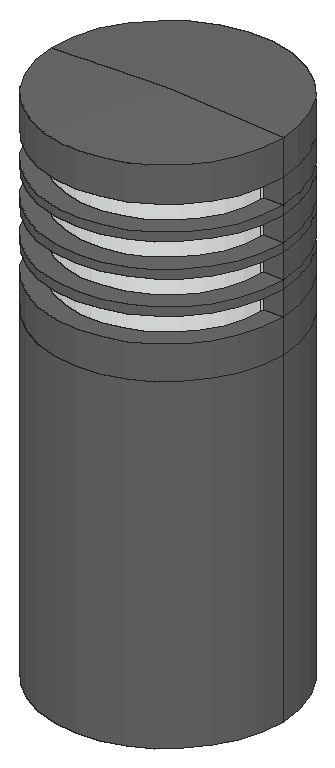
Revit family "99778_99619_HOST_GND", category Lighting Fixtures, host Floor, Revit 2015
Parameters (values of type "BEGA System Bollard")
  Wattage = 2.67938 W
  built-in parameter 1150110 = 1 (stored number, unit not read)
  URL = "www.bega-us.com"
  built-in parameter 1114217 = 1 (stored number, unit not read)
  Tilt Angle = 90.00°
  built-in parameter 1150109 = 1 (stored number, unit not read)
  built-in parameter 1150134 = (empty or 0)
  Telephone = "805.684.0533"
  built-in parameter 1150113 = 1 (stored number, unit not read)
  Photometric Web File = "99778.ies"
  Model = "99778+99619"
  Manufacturer = "BEGA-US"
  built-in parameter 1150105 = 31.672 (stored number, unit not read)
  Lumens = 398 lm
  built-in parameter 1150115 = 1 (stored number, unit not read)
  built-in parameter 1150137 = (empty or 0)
  built-in parameter 1150139 = (empty or 0)
  built-in parameter 1150112 = 1 (stored number, unit not read)
  built-in parameter 1150114 = 1 (stored number, unit not read)
  Lamp = "29.4W LED"
  built-in parameter 1150132 = 2
  built-in parameter 1150102 = (empty or 0)
  built-in parameter 1150107 = 3000 (stored number, unit not read)
  built-in parameter 1150138 = (empty or 0)
  built-in parameter 1150106 = 0.31672 (stored number, unit not read)
  built-in parameter 1150104 = 13.8 (stored number, unit not read)
  Dimming Lamp Color Temperature Shift = <None>
  Description = "BEGA System Bollards - unshielded with safety guard"
  Color Filter = 16777215
  built-in parameter 1114218 = 1 (stored number, unit not read)
  built-in parameter 1150133 = 10 (stored number, unit not read)
Reference planes (in)
  plane 1 "Center (Front/Back)": y = 0
  plane 2: z = 0
  plane 3 "Center (Left/Right)": x = 0
Dimensions and locks (in)
  equal spacing: host sketch curve, plane 1 "Center (Front/Back)", host sketch curve
  equal spacing: host sketch curve, plane 3 "Center (Left/Right)", host sketch curve
  host sketch curve to host sketch curve = 10' - 0"  (x2)
  aligned and locked: level to plane 2
Nested families (in)
  nested 1: "99619_2015" at (0, 0, 0), type "99619_2015"
  nested 2: "99778_2015" at (0, 0, 14.75), type "99778_2015"
Connectors (in)
  electrical at (0, 0, 0)
    settings: on host floor, index 1, voltage 0 V, apparent load 0 VA, apparent load phase1 0 VA, apparent load phase2 0 VA, apparent load phase3 0 VA, power factor 1, load classification "Other", number of poles 1, system type 31, power factor state 1, is connector primary yes, connector utility no, sub classification motor no, connector description ""
Definition of nested family "99619_2015"
  Reference planes (in)
    plane 1 "Center (Front/Back)": y = 0
    plane 2: z = 0
    plane 3 "Center (Left/Right)": x = 0
  Forms (in)
    Revolve 1, solid
      sketch origin (0, 0, 0) x (1, 0, 0) y (0, 0, 1)
        loop
          line (0, 0) -> (5.1875, 0) -> (5.1875, 14.75) -> (4.9375, 14.75) -> (4.9375, 0.25) -> (0, 0.25) -> (0, 0)
        axis (0, 14.75) -> (0, 0)
      angle from 0 to 360
  Dimensions and locks (in)
    aligned and locked: plane 2 to level
Definition of nested family "99778_2015"
  Reference planes (in)
    plane 1 "Center (Front/Back)": y = 0
    plane 2: z = 0
    plane 3 "Center (Left/Right)": x = 0
  Forms (in)
    Revolve 1, solid
      sketch origin (0, 0, 0) x (1, 0, 0) y (0, 0, 1)
        loop
          line (0, 0) -> (5.1875, 0) -> (5.1875, 1.5) -> (4.3125, 1.5) -> (4.3125, 0.5) -> (0, 0.5) -> (0, 0)
        loop
          line (5.1875, 2.625) -> (5.1875, 3) -> (4.3125, 3) -> (4.3125, 2.625) -> (5.1875, 2.625)
        loop
          line (5.1875, 4.125) -> (5.1875, 4.5) -> (4.3125, 4.5) -> (4.3125, 4.125) -> (5.1875, 4.125)
        loop
          line (5.1875, 5.625) -> (5.1875, 6) -> (4.3125, 6) -> (4.3125, 5.625) -> (5.1875, 5.625)
        loop
          line (0, 7.875) -> (4.3125, 7.875) -> (4.3125, 7.125) -> (5.1875, 7.125) -> (5.1875, 8.69385) -> (0, 8.875) -> (0, 7.875)
        axis (0, 8.875) -> (0, 0)
      angle from 0 to 360
    Revolve 2, solid
      sketch origin (0, 0, 0) x (1, 0, 0) y (0, 0, 1)
        loop
          line (4.1875, 0.5) -> (4.1875, 7.875) -> (0, 7.875) -> (0, 7.625) -> (3.9375, 7.625) -> (3.9375, 0.5) -> (4.1875, 0.5)
        axis (0, 7.875) -> (0, 0.5)
      angle from 0 to 360
    Extrusion 3, solid
      sketch origin (0, 0, 0) x (1, 0, 0) y (0, 1, 0)
        loop
          line (-5.1875, 0) -> (-4.3125, 0)
          arc (-4.3125, 0) -> (0, 4.3125) -> (4.3125, 0) r 4.3125
          line (4.3125, 0) -> (5.1875, 0)
          arc (5.1875, 0) -> (0, 5.1875) -> (-5.1875, 0) r 5.1875
      from 1.5 to 7.125
  Cuts and joins
    joined: Revolve 1, Extrusion 3
  Lines and regions (in)
    model lines
      curve 1: line (5.1875, 0, 0) -> (5.1875, 0.375, 0)
      curve 2: line (-5.1875, 0, 0) -> (-5.1875, 0.375, 0)
  Dimensions and locks (in)
    aligned and locked: plane 2 to level
